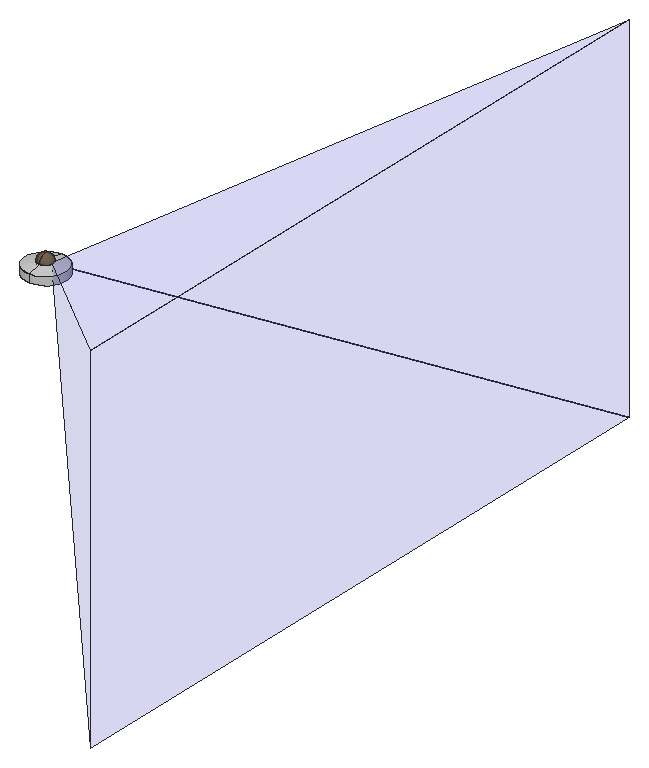
Revit family "Camera-Security-Canon-Fixed_Micro_Dome_Camera", category Security Devices, host Face, Revit 2012
Parameters (values of type "1.3 MP - Fixed")
  zz YesNo 9 [instance] = 0 = 1  # no
  zz YesNo 8 [instance] = 0 = 1  # no
  zz YesNo 7 [instance] = not(zz YesNo 29)  # yes
  zz YesNo 6 [instance] = yes
  zz YesNo 5 [instance] = and(not(zz YesNo 29), Has Ceiling Surface Mount)  # no
  zz YesNo 4 [instance] = and(not(zz YesNo 29), zz YesNo 24)  # no
  zz YesNo 31 [instance] = 0 = 1  # no
  zz YesNo 30 [instance] = and(not(zz YesNo 29), Has Field of View)  # yes
  zz YesNo 3 [instance] = and(not(zz YesNo 29), and(zz Length 22 > 0.250", or(zz Integer 2 = 5, zz Integer 2 = 7, zz Integer 2 = 8, zz Integer 2 = 11)))  # no
  zz YesNo 29 [instance] = or(zz YesNo 11)  # no
  zz YesNo 28 [instance] = and(not(zz YesNo 29), zz YesNo 13)  # no
  zz YesNo 27 [instance] = and(not(zz YesNo 29), zz YesNo 18)  # no
  zz YesNo 26 [instance] = 1 = 0  # no
  zz YesNo 25 [instance] = 0 = 1  # no
  zz YesNo 24 [instance] = 0 = 1  # no
  zz YesNo 23 [instance] = and(not(zz YesNo 29), zz YesNo 9)  # no
  zz YesNo 22 [instance] = and(not(zz YesNo 29), zz YesNo 8)  # no
  zz YesNo 21 [instance] = 0 = 1  # no
  zz YesNo 20 [instance] = and(not(zz YesNo 29), or(zz YesNo 9, zz YesNo 13, zz YesNo 25))  # no
  zz YesNo 2 [instance] = 1 = 1  # yes
  zz YesNo 19 [instance] = and(not(zz YesNo 29), zz YesNo 17)  # no
  zz YesNo 18 [instance] = 0 = 1  # no
  zz YesNo 17 [instance] = 0 = 1  # no
  zz YesNo 16 [instance] = and(not(zz YesNo 29), zz YesNo 31)  # no
  zz YesNo 15 [instance] = and(not(zz YesNo 29), Has Ceiling Pendant Mount S Series)  # no
  zz YesNo 14 [instance] = and(not(zz YesNo 29), zz YesNo 21)  # no
  zz YesNo 13 [instance] = 0 = 1  # no
  zz YesNo 12 [instance] = and(not(zz YesNo 29), Has Ceiling Junction Mount S Series)  # no
  zz YesNo 11 [instance] = if(zz YesNo 25, 1, 0) + if(Has Ceiling Surface Mount, 1, 0) + if(zz YesNo 31, 1, 0) + if(Has Ceiling Junction Mount S Series, 1, 0) + if(Has Ceiling Pendant Mount S Series, 1, 0) + if(zz YesNo 9, 1, 0) + if(zz YesNo 18, 1, 0) + if(zz YesNo 17, 1, 0) + if(zz YesNo 13, 1, 0) + if(zz YesNo 21, 1, 0) + if(zz YesNo 8, 1, 0) + if(zz YesNo 1, 1, 0) + if(zz YesNo 24, 1, 0) > 1  # no
  zz YesNo 10 [instance] = and(not(zz YesNo 29), zz YesNo 1)  # no
  zz YesNo 1 [instance] = 0 = 1  # no
  zz Length 99 = -6.500"  # constant formula
  zz Length 98 [instance] = 0.666" * sin(zz Angle 6 - 90.000°)  # -0.666"
  zz Length 97 = 2.244"  # constant formula
  zz Length 96 = 3.660"  # constant formula
  zz Length 95 = 5.500"  # constant formula
  zz Length 94 = 10.253"  # constant formula
  zz Length 93 = 4.880"  # constant formula
  zz Length 92 [instance] = 200.000"
  zz Length 91 = 7.080"  # constant formula
  zz Length 90 = 2.244"  # constant formula
  zz Length 9 = 4.720"  # constant formula
  zz Length 89 = 2.756"  # constant formula
  zz Length 88 = 7.884"  # constant formula
  zz Length 87 [instance] = if(zz Integer 2 = 3, 0.000", 54.640")  # 54.640"
  zz Length 86 = 0.500"  # constant formula
  zz Length 85 [instance] = 200.000"
  zz Length 84 = 4.720"  # constant formula
  zz Length 83 = 4.720"  # constant formula
  zz Length 82 = 5.215"  # constant formula
  zz Length 81 [instance] = if(zz Integer 2 = 2, 0.000", 7.220")  # 7.220"
  zz Length 80 [instance] = 2.362"  # constant formula
  zz Length 8 = 7.093"  # constant formula
  zz Length 79 = 13.000"  # constant formula
  zz Length 78 = 1.770"  # constant formula
  zz Length 77 [instance] = if(and(zz Integer 2 = 7, zz Length 22 > 0.250"), zz Length 22, if(zz Integer 2 = 7, 0.000", 26.980"))  # 26.980"
  zz Length 76 = 0.470"  # constant formula
  zz Length 75 [instance] = zz Length 92  # 200.000"
  zz Length 74 = 7.200"  # constant formula
  zz Length 73 [instance] = if(zz Integer 2 = 1, 0.000", if(zz Integer 2 = 9, 0.670", if(zz Integer 2 = 6, 2.570", 37.640")))  # 37.640"
  zz Length 72 = -6.146"  # constant formula
  zz Length 71 [instance] = 200.000"
  zz Length 70 [instance] = zz Length 98 * sin(zz Angle 1)  # 0.000"
  zz Length 7 = 4.970"  # constant formula
  zz Length 69 = 3.970"  # constant formula
  zz Length 68 = 2.570"  # constant formula
  zz Length 67 [instance] = if(zz Integer 2 = 1, 39.488", if(zz Integer 2 = 2, 31.970", if(zz Integer 2 = 3, 30.697", if(zz Integer 2 = 4, 30.470", if(and(zz Length 22 > 0.250", zz Integer 2 = 5), 34.290" + zz Length 22, if(zz Integer 2 = 5, 34.290", if(zz Integer 2 = 6, 42.058", if(and(zz Length 22 > 0.250", zz Integer 2 = 7), 33.660" + zz Length 22, if(zz Integer 2 = 7, 33.660", if(and(zz Integer 2 = 8, zz Length 22 > 0.250"), 31.811" + zz Length 22, if(zz Integer 2 = 8, 31.811", if(zz Integer 2 = 9, 37.379", if(zz Integer 2 = 10, 31.770", if(and(zz Integer 2 = 11, zz Length 22 > 0.250"), 32.756" + zz Length 22, if(zz Integer 2 = 11, 32.756", if(zz Integer 2 = 12, 38.600", if(zz Integer 2 = 13, 33.937", 30.000")))))))))))))))))  # 30.000"
  zz Length 66 [instance] = if(or(zz Integer 2 = 5, zz Integer 2 = 7), 0.000", if(zz Integer 2 = 8, 1.811", if(zz Integer 2 = 11, 2.756", 0.000")))  # 0.000"
  zz Length 65 = 1.970"  # constant formula
  zz Length 64 = 8.205"  # constant formula
  zz Length 63 [instance] = if(zz Integer 2 = 9, 4.800", 0.000")  # 0.000"
  zz Length 62 = 9.724"  # constant formula
  zz Length 61 [instance] = if(zz YesNo 29, 7.000", 1.000")  # 1.000"
  zz Length 60 [instance] = if(zz Integer 2 = 10, 0.000", 62.140")  # 62.140"
  zz Length 6 = 0.248"  # constant formula
  zz Length 59 = 0.235"  # constant formula
  zz Length 58 [instance] = if(zz Angle 5 = 0.000°, zz Length 39, zz Length 40)  # 200.000"
  zz Length 57 = 1.811"  # constant formula
  zz Length 56 [instance] = 4.331"  # constant formula
  zz Length 55 = 0.125"  # constant formula
  zz Length 54 = 1.750"  # constant formula
  zz Length 53 [instance] = if(Has Ceiling Junction Mount S Series, 0.000", 2.000")  # 2.000"
  zz Length 52 [instance] = zz Length 98 * cos(zz Angle 1)  # -0.666"
  zz Length 51 [instance] = zz Length 71  # 200.000"
  zz Length 50 = 1.500"  # constant formula
  zz Length 5 [instance] = if(zz Integer 2 = 12, 0.000", 104.000")  # 104.000"
  zz Length 49 = 0.750"  # constant formula
  zz Length 48 = 6.000"  # constant formula
  zz Length 47 = 6.690"  # constant formula
  zz Length 46 = 3.937"  # constant formula
  zz Length 45 = 4.720"  # constant formula
  zz Length 44 [instance] = if(zz Integer 2 = 8, 0.000", 76.035")  # 76.035"
  zz Length 43 [instance] = if(zz Integer 2 = 11, 0.000", 84.596")  # 84.596"
  zz Length 42 = zz Length 84 / 2  # 2.360"
  zz Length 41 = 2.000"  # constant formula
  zz Length 40 [instance] = 200.000"
  zz Length 4 [instance] = if(zz Integer 2 = 6, 2.445", 69.910")  # 69.910"
  zz Length 39 [instance] = 200.000"
  zz Length 38 [instance] = if(zz Integer 2 = 9, 0.000", 99.352")  # 99.352"
  zz Length 37 [instance] = if(zz Angle 5 = 0.000°, zz Length 85, zz Length 39)  # 200.000"
  zz Length 36 = 8.874"  # constant formula
  zz Length 35 = 0.500"  # constant formula
  zz Length 34 = 0.125"  # constant formula
  zz Length 33 = 6.743"  # constant formula
  zz Length 32 = 3.600"  # constant formula
  zz Length 31 [instance] = 2.756"  # constant formula
  zz Length 30 = 7.000"  # constant formula
  zz Length 3 = 2.485"  # constant formula
  zz Length 29 = 4.103"  # constant formula
  zz Length 28 [instance] = if(zz YesNo 29, 4.000", 1.000")  # 1.000"
  zz Length 27 = 0.697"  # constant formula
  zz Length 26 = -4.103"  # constant formula
  zz Length 25 [instance] = if(zz Integer 2 = 1, 0.000", if(zz Integer 2 = 2, 0.000", if(zz Integer 2 = 3, 0.000", if(zz Integer 2 = 4, 0.000", if(zz Integer 2 = 5, 0.000", if(zz Integer 2 = 6, 0.000", if(zz Integer 2 = 7, 0.000", if(zz Integer 2 = 8, 0.000", if(zz Integer 2 = 9, 11.509", if(zz Integer 2 = 10, 0.000", if(zz Integer 2 = 11, 0.000", if(zz Integer 2 = 12, 0.000", if(zz Integer 2 = 13, 0.000", 0.000")))))))))))))  # 0.000"
  zz Length 24 [instance] = 200.000"
  zz Length 23 [instance] = zz Length 25  # 0.000"
  zz Length 22 [instance] = if(Pipe Length Desired < 0.250", 0.250", if(Pipe Length Desired > 240.000", 240.000", Pipe Length Desired))  # 12.000"
  zz Length 21 [instance] = if(and(zz Integer 2 = 5, zz Length 22 > 0.250"), zz Length 22, if(zz Integer 2 = 5, 0.000", 15.690"))  # 15.690"
  zz Length 20 = 1.750"  # constant formula
  zz Length 2 = 4.720"  # constant formula
  zz Length 19 = 10.404"  # constant formula
  zz Length 18 = 2.600"  # constant formula
  zz Length 17 [instance] = if(zz Angle 5 = 0.000°, zz Length 24, zz Length 85)  # 200.000"
  zz Length 16 = zz Length 9 / 2  # 2.360"
  zz Length 15 [instance] = 1.230" + (0.666" * cos(zz Angle 6 - 90.000°))  # 1.230"
  zz Length 14 = 0.250"  # constant formula
  zz Length 13 = 5.306"  # constant formula
  zz Length 12 [instance] = zz Length 110 - 20.000"  # 0.000"
  zz Length 111 [instance] = if(zz Angle 5 = 0.000°, zz Length 40, zz Length 24)  # 200.000"
  zz Length 110 [instance] = if(zz Integer 2 = 1, 18.189", if(zz Integer 2 = 2, 20.000", if(zz Integer 2 = 3, 20.000", if(zz Integer 2 = 4, 20.000", if(zz Integer 2 = 5, 20.000", if(zz Integer 2 = 6, 18.189", if(zz Integer 2 = 7, 20.000", if(zz Integer 2 = 8, 20.000", if(zz Integer 2 = 9, 18.189", if(zz Integer 2 = 10, 20.000", if(zz Integer 2 = 11, 20.000", if(zz Integer 2 = 12, 18.250", if(zz Integer 2 = 13, 17.914", 20.000")))))))))))))  # 20.000"
  zz Length 11 = -1.750"  # constant formula
  zz Length 109 = 0.250"  # constant formula
  zz Length 108 [instance] = if(zz YesNo 4, 4.054", 151.000")  # 151.000"
  zz Length 107 = 1.750"  # constant formula
  zz Length 106 = 7.080"  # constant formula
  zz Length 105 = 7.352"  # constant formula
  zz Length 104 = 6.830"  # constant formula
  zz Length 103 = 2.000"  # constant formula
  zz Length 102 = 4.290"  # constant formula
  zz Length 101 = 3.500"  # constant formula
  zz Length 100 [instance] = if(zz YesNo 29, 7.000", 1.000")  # 1.000"
  zz Length 10 = zz Length 47 / 2  # 3.345"
  zz Length 1 [instance] = zz Length 67 - 30.000"  # 0.000"
  zz Integer 2 [instance] = if(zz YesNo 25, 1, if(Has Ceiling Surface Mount, 2, if(zz YesNo 31, 3, if(Has Ceiling Junction Mount S Series, 4, if(Has Ceiling Pendant Mount S Series, 5, if(zz YesNo 9, 6, if(zz YesNo 18, 7, if(zz YesNo 17, 8, if(zz YesNo 13, 9, if(zz YesNo 21, 10, if(zz YesNo 8, 11, if(zz YesNo 1, 12, if(zz YesNo 24, 13, 14)))))))))))))  # 14
  zz Integer 1 = 1
  zz Angle 9 [instance] = if(zz Integer 2 = 9, 45.000°, 90.000°)  # 90.000°
  zz Angle 8 [instance] = (if(zz YesNo 24, 90.000°, 0.000°))  # 0.000°
  zz Angle 7 [instance] = if(zz Integer 2 = 9, 45.000°, 90.000°)  # 90.000°
  zz Angle 6 [instance] = if(Tilt Desired < 0.000°, 0.000°, if(Tilt Desired > 90.000°, 90.000°, Tilt Desired))  # 0.000°
  zz Angle 5 [instance] = if(zz Integer 2 = 1, 0.000°, if(zz Integer 2 = 2, 90.000°, if(zz Integer 2 = 3, 90.000°, if(zz Integer 2 = 4, 90.000°, if(zz Integer 2 = 5, 90.000°, if(zz Integer 2 = 6, 0.000°, if(zz Integer 2 = 7, 90.000°, if(zz Integer 2 = 8, 90.000°, if(zz Integer 2 = 9, 0.000°, if(zz Integer 2 = 10, 90.000°, if(zz Integer 2 = 11, 90.000°, if(zz Integer 2 = 12, 0.000°, if(zz Integer 2 = 13, 0.000°, 90.000°)))))))))))))  # 90.000°
  zz Angle 4 [instance] = if(Pan Desired < 0.000°, 0.000°, if(Pan Desired > 180.000°, 180.000°, Pan Desired))  # 0.000°
  zz Angle 3 = 0.000°
  zz Angle 2 = 0.000°
  zz Angle 1 [instance] = if(Rotation Desired < 0.000°, 0.000°, if(Rotation Desired > 350.000°, 350.000°, Rotation Desired))  # 0.000°
  Width [instance] = 4.720"  # constant formula
  Weight [instance] = 0.530 lbf  # constant formula
  URL = "http://www.usa.canon.com/cusa/home"
  Shutter Speed = if(zz Integer 1 = 1, "1, 1/2, 1/4, 1/8, 1/15, 1/30, 1/60, 1/100, 1/120, 1/250, 1/500, 1/1000, 1/2000, 1/4000, 1/8000, 1/10000, 1/16000 sec.", "1, 1/2, 1/4, 1/8, 1/15, 1/30, 1/60, 1/100, 1/120, 1/250, 1/500, 1/1000, 1/2000, 1/4000, 1/8000, 1/16000 sec.")  # "1, 1/2, 1/4, 1/8, 1/15, 1/30, 1/60, 1/100, 1/120, 1/250, 1/500, 1/1000, 1/2000, 1/4000, 1/8000, 1/10000, 1/16000 sec."
  Scanning System = "Progressive"  # constant formula
  Resolution = if(zz Integer 1 = 1, "JPEG, H.264: 1280 x 720, 640 x 360, 320 x 180, 1280 x 960, 640 x 480, 320 x 240", "JPEG, H.264: 1920 x 1080, 960 x 540, 480 x 270, 1280 x 720, 640 x 360, 320 x 180, 1280 x 960, 640 x 480, 320 x 240")  # "JPEG, H.264: 1280 x 720, 640 x 360, 320 x 180, 1280 x 960, 640 x 480, 320 x 240"
  Product Page URL = "http://www.usa.canon.com/cusa/office/products/hardware/network_video_solutions/dome_network_cameras/vb_s805d"
  Product Documentation Link = "http://www.usa.canon.com/cusa/office/products/hardware/network_video_solutions/dome_network_cameras/vb_s805d#Specifications"
  Part Number [instance] = if(zz Integer 1 = 1, "VB-S805D", "VB-S800D")  # "VB-S805D"
  Part Description [instance] = if(zz Integer 1 = 1, "1.3 Megapixel Fixed Micro Dome Network Camera", "2.1 Megapixel Fixed Micro Dome Network Camera")  # "1.3 Megapixel Fixed Micro Dome Network Camera"
  Operating Conditions = "Temperature:  -10°C - +50°C (+14°F - +122°F); Humidity: 5% - 85% (Without Condensation)"  # constant formula
  Mount Part Number [instance] = if(zz YesNo 29, "ERROR: Select Only One Option", if(zz Integer 2 = 2, "SS30-VB", if(zz Integer 2 = 4, "PS30-VB", if(zz Integer 2 = 5, "PC30-VB", if(zz Integer 2 = 13, "A-SWD5WB", "None Selected")))))  # "None Selected"
  Model Disclaimer = "This 3D model is a simulation of a highly customizable piece of Canon equipment. For assistance in selecting the right Canon equipment for your project, please contact Canon U.S.A., Inc."  # constant formula
  Model = "See Part Number"  # constant formula
  Minimum Illumination = 0.45 lx  # constant formula
  Megapixels = if(zz Integer 1 = 1, "1.3", "2.1")  # "1.3"
  Maximum Framerate = "JPEG: 0.1 - 30 fps; H.263: 1/2/3/5/6/10/15/30 fps"  # constant formula
  Manufacturer = "Canon U.S.A., Inc."  # constant formula
  Lens Type = "Varifocal"  # constant formula
  Image Sensor = "1/3 Type CMOS (Primary Color Filter)"  # constant formula
  IPv4 Protocol = "TCP/IP, UDP, HTTP, FTP, SNMP (MIB2), SMTP (Client), DHCP (Client), DNS (Client), ARP, ICMP, POP3, NTP, SMTP Authentication, RTSP, WV-HTTP (Canon Proprietary), ONVIF"  # constant formula
  Height [instance] = 2.130"  # constant formula
  Has Smoked Dome [instance] = not(zz YesNo 2)  # no
  Has No Mount [instance] = zz Integer 2 = 14  # yes
  Family Version = "1.0"  # constant formula
  Equipment Number [instance] = ""
  Equipment Abbreviation = "SC"
  Effective Pixels = if(zz Integer 1 = 1, "1.3 Million Pixels", "2.1 Million Pixels")  # "1.3 Million Pixels"
  Description = "See Part Description"  # constant formula
  Day and Night = "Auto/Manual"  # constant formula
  Date Modified = "September 15, 2014"  # constant formula
  Date Created = "September 15, 2014"  # constant formula
  Copyright = "Copyright ©2014 Canon U.S.A., Inc."  # constant formula
  Audio In = "Φ3.5mm (Φ0.14 in.) Mini-Jack Connector (Monaural), Switch Line IN/MIC IN in the Setting Page. LINE IN x 1 (Connect to an Amplifier Microphone) or MIC IN x 1 (Connect to a Microphone w/o Amplifier)"  # constant formula
  Aperture = "1.6"  # constant formula
  Angular Field of View = "Horizontal: 95; Vertical: 60"  # constant formula
  Alarm Triggers = "External Device Input, Intelligent Function (Video), Intelligent Function (Volume), Timer"  # constant formula
  Tilt Desired [instance] = 0.000°
  Has Ceiling Surface Mount [instance] = no
  Rotation Desired [instance] = 0.000°
  Has Ceiling Junction Mount S Series [instance] = no
  Default Elevation = 48.000"
  Pan Desired [instance] = 0.000°
  Has Field of View [instance] = yes
  Has Ceiling Pendant Mount S Series [instance] = no
  Field of View Range [instance] = 36.000"
  Field of View Vertical [instance] = 60.000°  # constant formula
  Mount Selection [instance] = if(zz YesNo 11, "ERROR: Select One Mount Option", if(zz Integer 2 = 1, "Wall Mount", if(zz Integer 2 = 2, "Surface Mount", if(zz Integer 2 = 3, "Recess Mount", if(zz Integer 2 = 4, "Junction Mount S Series", if(zz Integer 2 = 5, " Pendant Mount S series", if(zz Integer 2 = 6, "Pole Mount", if(zz Integer 2 = 7, "Pendant Mount", if(zz Integer 2 = 8, "Coupling Mount", if(zz Integer 2 = 9, "Corner Mount", if(zz Integer 2 = 10, "Ceiling Mount", if(zz Integer 2 = 11, "Ceiling Bracket Mount", if(zz Integer 2 = 12, "Wall Mount Bracket", if(zz Integer 2 = 13, "Bracket Mount", "No Mount"))))))))))))))  # "No Mount"
  Pipe Length Desired [instance] = 12.000"
  Field of View Horizontal [instance] = 95.000°  # constant formula
  Pipe Length Actual [instance] = if(Pipe Length Desired < 0.000", 0.000", if(Pipe Length Desired > 240.000", 240.000", Pipe Length Desired))  # 12.000"
Reference planes (in)
  plane 1 "Center (Front/Back)": y = 0
  plane 2 "Center (Elevation)": z = 0
  plane 3 "Center (Left/Right)": x = 0
  plane 4: x = -2.36
  plane 5: x = 2.36
  plane 6: y = 2.36
  plane 7: y = -2.36
  plane 8: x = -3.345
  plane 9: x = 3.345
  plane 10: y = 2.75
  plane 11: y = -2.75
  plane 12 "Junction Box": z = 2
  plane 13: z = 2.47
  plane 14: x = -2.36
  plane 15: x = 2.36
  plane 16: y = 2.36
  plane 17: y = -2.36
  plane 18: y = 2.485
  plane 19: y = -2.485
  plane 20: z = 7.22
  plane 21: z = 9.19
  plane 22: z = 7.47
  plane 23: z = 15.69
  plane 24: z = 19.98
  plane 25: x = -2.36
  plane 26: x = 2.36
  plane 27: z = 18.23
  plane 28: x = 1
  plane 29: x = -1
  plane 30: z = 12.096
  plane 31 "Wall Mount Center": x = 0
  plane 32: z = 26.98
  plane 33: z = 30.64
  plane 34: x = -3.54
  plane 35: x = 3.54
  plane 36: z = 28.89
  plane 37: x = -1
  plane 38: x = 1
  plane 39: x = 5.306
  plane 40: z = 23.897
  plane 41: z = 37.64
  plane 42: x = -4.862
  plane 43: z = 54.64
  plane 44: x = 4.862
  plane 45: z = 55.337
  plane 46: x = 2.44
  plane 47: x = -2.44
  plane 48: z = 54.875
  plane 49: z = 62.14
  plane 50: x = 3.54
  plane 51: x = -3.54
  plane 52: x = 2.6075
  plane 53: x = -2.6075
  plane 54: z = 63.91
  plane 55: z = 69.91
  plane 56: x = 1.985
  plane 57: x = -1.985
  plane 58: z = 70.035
  plane 59: z = 67.465
  plane 60: x = 1.20045
  plane 61: x = 1.32986
  plane 62: x = -1.85559
  plane 63: x = 1.85559
  plane 64: x = -1.32986
  plane 65: x = -1.20045
  plane 66: y = 3.5
  plane 67: y = -3.5
  plane 68: x = 1.122
  plane 69: x = -1.122
  plane 70: z = 76.035
  plane 71: z = 77.846
  plane 72: x = 1.5
  plane 73: z = 4.72
  plane 74: z = 84.596
  plane 75: z = 87.352
  plane 76: x = 1.122
  plane 77: x = -1.122
  plane 78: x = 0.75
  plane 79: z = 84.844
  plane 80: x = 1.9685
  plane 81: x = -1.9685
  plane 82: y = 1.9685
  plane 83: y = -1.9685
  plane 84: x = -1.7185
  plane 85: x = 1.7185
  plane 86: y = -1.7185
  plane 87: y = 1.7185
  plane 88: z = 95.298
  plane 89: y = -4.1025
  plane 90: y = 4.1025
  plane 91: z = -4.054
  plane 92: z = 1
  plane 93: y = 0.5
  plane 94: y = -0.5
  plane 95: x = -0.5
  plane 96: x = 0.5
  plane 97 "X Axis": x = 0
  plane 98: y = 20
  plane 99 "Y Axis": y = 0
  plane 100 "Z Axis": z = 0
  plane 101: z = -30
  plane 102: z = 104
  plane 103: z = 104.311
  plane 104: z = 107.63
  plane 105: z = 108.725
  plane 106: x = -3.676
  plane 107: x = 3.676
  plane 108: y = -3
  plane 109: y = 3
  plane 110: y = -1.737
  plane 111: z = 112.6
  plane 112: z = 117
  plane 113: z = 116.5
  plane 114: y = -1.75
  plane 115: y = 1.75
  plane 116: x = -1.8
  plane 117: x = 1.8
  plane 118: y = 2.6
  plane 119: y = -4.6
  plane 120: y = 2.1655
  plane 121: y = -2.1655
  plane 122: x = -1.378
  plane 123: x = 1.378
  plane 124: z = 146.946
  plane 125: z = 147.02474
  plane 126: z = 150.88287
  plane 127: y = 2.0865
  plane 128 "Pipe Bottom": z = 0
  plane 129 "Pipe Top": z = 12
  plane 130: through (17, -180, 17) normal (0.7071, 0, -0.7071)
  plane 131: through (-17, -180, 17) normal (0.7071, 0, 0.7071)
  plane 132: through (0, -17, -17) normal (0, -0.7071, 0.7071)
  plane 133: through (0, 17, -17) normal (0, -0.7071, -0.7071)
  plane 134: through (-17, -17, 48) normal (-0.7071, 0.7071, 0)
  plane 135: through (17, -17, 48) normal (-0.7071, -0.7071, 0)
Forms (in)
  Revolve 1, solid, material "Plastic - Canon - Grey", visible <- "zz YesNo 12"
    sketch origin (0, 0, 0) x (1, 0, 0) y (0, 0, 1)
      loop
        line (2.36, 2.47) -> (0, 2.47) -> (0, 2) -> (3.345, 2) -> (2.36, 2.47)
      axis (0, 2.47) -> (0, 2)
    angle from 0 to 360
  Revolve 2, solid, material "Plastic - Canon - Grey", visible <- "zz YesNo 5"
    sketch origin (0, 0, 0) x (1, 0, 0) y (0, 0, 1)
      loop
        line (2.36, 7.22) -> (2.36, 9.19) -> (0, 9.19) -> (0, 7.22) -> (2.36, 7.22)
      axis (0, 9.19) -> (0, 7.22)
    angle from 0 to 360
  Revolve 3, solid, material "Plastic - Canon - Grey", visible <- "zz YesNo 15"
    sketch origin (0, 0, 0) x (1, 0, 0) y (0, 0, 1)
      loop
        line (0, 19.98) -> (0, 15.69) -> (0.99965, 15.69)
        arc (0.99965, 15.69) -> (1.59145, 17.00749) -> (2.36, 18.23033) r 10.404
        line (2.36, 18.23033) -> (2.36, 19.98) -> (0, 19.98)
      axis (0, 19.98) -> (0, 15.69)
    angle from 0 to 360
  Revolve 4, solid, material "Plastic - Canon - Grey", visible <- "zz YesNo 16"
    sketch origin (0, 0, 0) x (1, 0, 0) y (0, 0, 1)
      loop
        line (2.44, 55.337) -> (0, 55.337) -> (0, 54.64) -> (4.862, 54.64) -> (4.862, 54.875) -> (2.44, 55.337)
      axis (0, 55.337) -> (0, 54.64)
    angle from 0 to 360
  Extrusion 5, solid, material "Error Box", visible <- "zz YesNo 29"
    sketch origin (0, 0, 0) x (1, 0, 0) y (0, 0, 1)
      loop
        line (-0.5, 0) -> (0.5, 0) -> (0.5, 1) -> (-0.5, 1) -> (-0.5, 0)
    from -0.5 to 0.5
  Sweep 6, solid, material "Plastic - Canon - Grey", not visible, detail levels fine
    path origin (0, 0, 0) x (0, 0, -1) y (0, 1, 0)
      loop
        line (0, 0) -> (1, 0)
    profile origin (0, 0, -0.5) x (1, 0, 0) y (0, 1, 0)
      loop
        circle (0, 0) r 0.25
  Extrusion 7, solid, material "Plastic - Canon - Grey", visible <- "zz YesNo 4"
    sketch origin (0, 0, 0) x (1, 0, 0) y (0, 1, 0)
      loop
        line (-1.378, 2.1655) -> (-1.378, -2.1655) -> (1.378, -2.1655) -> (1.378, 2.1655) -> (-1.378, 2.1655)
    from 146.946 to 147.02474
  Extrusion 8, solid, material "Plastic - Canon - Grey", visible <- "zz YesNo 4"
    sketch origin (0, 0, 0) x (1, 0, 0) y (0, 0, 1)
      loop
        arc (1.378, 148.9645) -> (0, 153.24488) -> (-1.378, 148.9645) r 2.362
        line (-1.378, 148.9645) -> (-1.378, 146.946) -> (1.378, 146.946) -> (1.378, 148.9645)
    from -2.1655 to -2.0865
  Extrusion 9, solid, material "Plastic - Canon - Grey", visible <- "zz YesNo 3"
    sketch origin (0, 0, 0) x (1, 0, 0) y (0, 1, 0)
      loop
        circle (0, 0) r 0.75
    from 0 to 12
Cuts and joins
  joined: Extrusion 7, Extrusion 8
Lines and regions (in)
  reference lines
    curve 1: line (0, -5.29, 37.64) -> (0, 5.96, 37.64)
    curve 2: line (0, 0, 0) -> (0, 14.25, 0)
    curve 3: line (-1.985, 0, 69.91) -> (-1.32986, 0, 67.465)
    curve 4: line (-1.85559, 0, 69.91) -> (-1.20045, 0, 67.465)
    curve 5: line (1.985, 0, 69.91) -> (1.32986, 0, 67.465)
    curve 6: line (1.85559, 0, 69.91) -> (1.20045, 0, 67.465)
    curve 7: line (-5.946, 0, 95.298) -> (5.946, 0, 95.298)
    curve 8: line (0, 0, 95.298) -> (0, 0, 102.033)
    curve 9: line (0, 0, 0) -> (6.5, 0, 0)
    curve 10: line (0, 0, 37.64) -> (0, 0, 44.14)
    curve 11: line (0, 0, 0) -> (0, 0, -17)
    curve 12: line (106.06602, -200, 106.06602) -> (-106.06602, -200, -106.06602)
    curve 13: line (-106.06602, 200, 106.06602) -> (106.06602, 200, -106.06602)
    curve 14: line (200, 106.06602, 106.06602) -> (200, -106.06602, -106.06602)
    curve 15: line (-200, -106.06602, 106.06602) -> (-200, 106.06602, -106.06602)
    curve 16: line (-106.06602, -106.06602, 200) -> (106.06602, 106.06602, 200)
    curve 17: line (-106.06602, 106.06602, -200) -> (106.06602, -106.06602, -200)
Dimensions and locks (in)
  equal spacing: plane 4, plane 3 "Center (Left/Right)", plane 5
  "zz Length 9": plane 4 to plane 5
  equal spacing: plane 7, plane 1 "Center (Front/Back)", plane 6
  "zz Length 2": plane 6 to plane 7
  equal spacing: plane 11, plane 1 "Center (Front/Back)", plane 10
  equal spacing: plane 8, plane 3 "Center (Left/Right)", plane 9
  "zz Length 47": plane 8 to plane 9
  "zz Length 95": plane 10 to plane 11
  "zz Length 53": plane 12 "Junction Box" to level
  "zz Length 76": plane 13 to plane 12 "Junction Box"
  equal spacing: plane 14, plane 3 "Center (Left/Right)", plane 15
  "zz Length 84": plane 14 to plane 15
  equal spacing: plane 17, plane 1 "Center (Front/Back)", plane 16
  "zz Length 83": plane 16 to plane 17
  equal spacing: plane 19, plane 1 "Center (Front/Back)", plane 18
  "zz Length 7": plane 18 to plane 19
  "zz Length 81": plane 20 to level
  "zz Length 65": plane 21 to plane 20
  "zz Length 109": plane 22 to plane 20
  "zz Length 21": plane 23 to level
  "zz Length 102": plane 24 to plane 23
  equal spacing: plane 25, plane 3 "Center (Left/Right)", plane 26
  "zz Length 45": plane 25 to plane 26
  "zz Length 107": plane 24 to plane 27
  equal spacing: plane 28, plane 3 "Center (Left/Right)", plane 29
  "zz Length 41": plane 28 to plane 29
  "zz Length 88": plane 24 to plane 30
  "zz Length 77": plane 32 to level
  "zz Length 96": plane 33 to plane 32
  equal spacing: plane 34, plane 3 "Center (Left/Right)", plane 35
  "zz Length 106": plane 34 to plane 35
  "zz Length 54": plane 33 to plane 36
  equal spacing: plane 37, plane 3 "Center (Left/Right)", plane 38
  "zz Length 103": plane 37 to plane 38
  "zz Length 33": plane 33 to plane 40
  "zz Length 13": plane 39 to plane 3 "Center (Left/Right)"
  "zz Length 73": plane 41 to level
  "zz Length 63": plane 31 "Wall Mount Center" to plane 3 "Center (Left/Right)"
  equal spacing: plane 44, plane 3 "Center (Left/Right)", plane 42
  "zz Length 62": plane 44 to plane 42
  "zz Length 87": plane 43 to level
  "zz Length 27": plane 45 to plane 43
  equal spacing: plane 46, plane 3 "Center (Left/Right)", plane 47
  "zz Length 93": plane 46 to plane 47
  "zz Length 59": plane 48 to plane 43
  "zz Length 60": plane 49 to level
  equal spacing: plane 50, plane 3 "Center (Left/Right)", plane 51
  equal spacing: plane 52, plane 3 "Center (Left/Right)", plane 53
  "zz Length 91": plane 50 to plane 51
  "zz Length 82": plane 52 to plane 53
  "zz Length 78": plane 54 to plane 49
  "zz Length 4": plane 55 to level
  equal spacing: plane 56, plane 3 "Center (Left/Right)", plane 57
  "zz Length 69": plane 56 to plane 57
  "zz Length 34": plane 58 to plane 55
  "zz Length 68": plane 58 to plane 59
  "zz Length 34": curve 3 to curve 4
  locked: plane 62 to plane 57 at 0.12941
  "zz Length 34": curve 6 to curve 5
  plane 56 to plane 63 to plane 61 to plane 60 = 0.12941" locked, 0.52573" locked, 0.12941" locked
  plane 65 to plane 64 to plane 62 = 0.12941" locked, 0.52573" locked
  equal spacing: plane 67, plane 1 "Center (Front/Back)", plane 66
  "zz Length 30": plane 67 to plane 66
  "zz Length 44": plane 70 to level
  equal spacing: plane 68, plane 3 "Center (Left/Right)", plane 69
  "zz Length 90": plane 68 to plane 69
  "zz Length 57": plane 71 to plane 70
  "zz Length 50": plane 72 to plane 3 "Center (Left/Right)"
  "zz Length 2": plane 73 to level
  "zz Length 43": plane 74 to level
  "zz Length 89": plane 75 to plane 74
  equal spacing: plane 76, plane 3 "Center (Left/Right)", plane 77
  "zz Length 97": plane 76 to plane 77
  "zz Length 49": plane 78 to plane 3 "Center (Left/Right)"
  "zz Length 6": plane 79 to plane 74
  equal spacing: plane 80, plane 3 "Center (Left/Right)", plane 81
  "zz Length 46": plane 80 to plane 81
  "zz Length 46": plane 82 to plane 83
  equal spacing: plane 83, plane 1 "Center (Front/Back)", plane 82
  "zz Length 14": plane 86 to plane 83
  "zz Length 14": plane 82 to plane 87
  "zz Length 14": plane 81 to plane 84
  "zz Length 14": plane 85 to plane 80
  "zz Length 38": plane 88 to plane 91
  equal spacing: plane 89, plane 1 "Center (Front/Back)", plane 90
  "zz Length 64": plane 89 to plane 90
  locked: level to plane 91 at 4.054
  "zz Length 28": plane 92 to level
  equal spacing: plane 94, plane 1 "Center (Front/Back)", plane 93
  "zz Length 61": plane 93 to plane 94
  level to Extrusion 5 = 1.000"
  equal spacing: plane 96, plane 3 "Center (Left/Right)", plane 95
  "zz Length 100": plane 96 to plane 95
  "zz Length 110": plane 98 to plane 99 "Y Axis"
  locked: plane 98 to plane 1 "Center (Front/Back)" at 20
  "zz Length 67": plane 100 "Z Axis" to plane 101
  "zz Length 25": plane 3 "Center (Left/Right)" to plane 97 "X Axis"
  locked: plane 2 "Center (Elevation)" to plane 101 at 30
  locked: plane 103 to plane 102 at 0.311
  locked: plane 104 to plane 102 at 3.63
  locked: plane 105 to plane 102 at 4.725
  equal spacing: plane 107, plane 3 "Center (Left/Right)", plane 106
  "zz Length 105": plane 107 to plane 106
  equal spacing: plane 108, plane 1 "Center (Front/Back)", plane 109
  "zz Length 48": plane 108 to plane 109
  locked: plane 108 to plane 110 at 1.263
  locked: plane 111 to plane 102 at 8.6
  "zz Length 79": plane 112 to plane 102
  "zz Length 35": plane 112 to plane 113
  equal spacing: plane 114, plane 1 "Center (Front/Back)", plane 115
  "zz Length 101": plane 114 to plane 115
  "zz Length 74": plane 118 to plane 119
  equal spacing: plane 116, plane 3 "Center (Left/Right)", plane 117
  "zz Length 32": plane 116 to plane 117
  "zz Length 18": plane 1 "Center (Front/Back)" to plane 118
  "zz Length 5": plane 102 to plane 2 "Center (Elevation)"
  equal spacing: plane 121, plane 1 "Center (Front/Back)", plane 120
  "zz Length 56": plane 121 to plane 120
  equal spacing: plane 122, plane 3 "Center (Left/Right)", plane 123
  "zz Length 31": plane 122 to plane 123
  plane 126 to plane 125 to plane 124 = 3.85814" locked, 0.07874" locked
  "zz Length 108": plane 124 to plane 91
  locked: plane 127 to plane 120 at 0.079
  "zz Length 22": plane 129 "Pipe Top" to plane 128 "Pipe Bottom"
  "zz Length 66": plane 128 "Pipe Bottom" to plane 2 "Center (Elevation)"
  equal spacing: curve 12, plane 131, curve 12
  curve 12 to curve 12 = 300.000"
  equal spacing: curve 13, plane 130, curve 13
  curve 13 to curve 13 = 300.000"
  "zz Length 71": curve 13 to plane 1 "Center (Front/Back)"
  "zz Length 92": curve 12 to plane 1 "Center (Front/Back)"
  equal spacing: curve 14, plane 133, curve 14
  locked: curve 14 to curve 14 at 300
  "zz Length 39": plane 3 "Center (Left/Right)" to curve 14
  equal spacing: curve 15, plane 132, curve 15
  locked: curve 15 to curve 15 at 300
  "zz Length 24": curve 15 to plane 3 "Center (Left/Right)"
  "zz Length 40": plane 2 "Center (Elevation)" to curve 16
  equal spacing: curve 16, plane 135, curve 16
  locked: curve 16 to curve 16 at 300
  "zz Length 85": plane 2 "Center (Elevation)" to curve 17
  equal spacing: curve 17, plane 134, curve 17
  locked: curve 17 to curve 17 at 300
  "zz Length 19": radius of Revolve 3 sketch curve
  "zz Length 80": radius of Extrusion 8 sketch curve
  "zz Angle 3": angle curve 2 to plane 31 "Wall Mount Center"
  "zz Angle 9": angle plane 88 to curve 8
  angle curve 9 to plane 3 "Center (Left/Right)" = 90.000°
  "zz Angle 7": angle plane 41 to curve 10
  "zz Angle 5": angle curve 11 to plane 100 "Z Axis"
  aligned and locked: plane 2 "Center (Elevation)" to host face
  aligned and locked: level to host face
  aligned and locked: plane 15 to Revolve 1 sketch curve
  aligned and locked: plane 13 to Revolve 1 sketch curve
  aligned and locked: plane 9 to Revolve 1 sketch curve
  aligned and locked: plane 12 "Junction Box" to Revolve 1 sketch curve
  aligned and locked: Revolve 1 sketch curve to plane 3 "Center (Left/Right)"
  aligned and locked: Revolve 1 sketch curve to plane 12 "Junction Box"
  aligned and locked: plane 15 to Revolve 2 sketch curve
  aligned and locked: plane 3 "Center (Left/Right)" to Revolve 2 sketch curve
  aligned and locked: plane 20 to Revolve 2 sketch curve
  aligned and locked: Revolve 3 sketch curve to plane 3 "Center (Left/Right)"  (x2)
  aligned and locked: Revolve 3 sketch curve to plane 23
  aligned and locked: Revolve 3 sketch curve to plane 26
  aligned and locked: plane 30 to Revolve 3 sketch curve
  aligned and locked: plane 21 to Revolve 2 sketch curve
  aligned and locked: Revolve 2 sketch curve to plane 3 "Center (Left/Right)"
  aligned and locked: plane 48 to Revolve 4 sketch curve
  aligned and locked: plane 46 to Revolve 4 sketch curve
  aligned and locked: plane 43 to Revolve 4 sketch curve
  aligned and locked: Revolve 4 sketch curve to plane 44
  aligned and locked: plane 45 to Revolve 4 sketch curve
  aligned and locked: plane 3 "Center (Left/Right)" to Revolve 4 sketch curve
  aligned and locked: Revolve 4 sketch curve to plane 3 "Center (Left/Right)"
  aligned and locked: plane 57 to curve 3
  aligned and locked: plane 55 to curve 3
  aligned and locked: plane 55 to curve 4
  aligned and locked: plane 62 to curve 4
  aligned and locked: plane 59 to curve 4
  aligned and locked: plane 65 to curve 4
  aligned and locked: plane 64 to curve 3
  aligned and locked: plane 59 to curve 6
  aligned and locked: plane 59 to curve 5
  aligned and locked: plane 60 to curve 6
  aligned and locked: plane 61 to curve 5
  aligned and locked: plane 56 to curve 5
  aligned and locked: plane 55 to curve 6
  aligned and locked: plane 63 to curve 6
  aligned and locked: plane 88 to curve 8
  aligned and locked: plane 3 "Center (Left/Right)" to curve 9
  aligned and locked: plane 1 "Center (Front/Back)" to curve 9
  aligned and locked: plane 41 to curve 10
  aligned and locked: plane 3 "Center (Left/Right)" to curve 1
  aligned and locked: plane 93 to Extrusion 5
  aligned and locked: Extrusion 5 to plane 94
  aligned and locked: plane 92 to Extrusion 5 sketch curve
  aligned and locked: Extrusion 5 sketch curve to level
  aligned and locked: Extrusion 5 to plane 95
  aligned and locked: plane 96 to Extrusion 5
  aligned and locked: plane 100 "Z Axis" to curve 11
  aligned and locked: plane 99 "Y Axis" to curve 11
  aligned and locked: profile plane to Sweep 6 sketch curve  (x2)
  aligned and locked: Extrusion 7 sketch curve to plane 121
  aligned and locked: Extrusion 7 sketch curve to plane 123
  aligned and locked: plane 122 to Extrusion 7 sketch curve
  aligned and locked: plane 120 to Extrusion 7 sketch curve
  aligned and locked: Extrusion 7 to plane 124
  aligned and locked: plane 125 to Extrusion 7
  aligned and locked: plane 126 to Extrusion 8 sketch curve
  aligned and locked: plane 3 "Center (Left/Right)" to Extrusion 8 sketch curve
  aligned and locked: plane 122 to Extrusion 8 sketch curve
  aligned and locked: plane 123 to Extrusion 8 sketch curve
  aligned and locked: Extrusion 8 sketch curve to plane 124
  aligned and locked: Extrusion 8 to plane 120
  aligned and locked: plane 127 to Extrusion 8
  aligned and locked: plane 31 "Wall Mount Center" to curve 10
  aligned and locked: plane 41 to curve 1
  aligned and locked: plane 3 "Center (Left/Right)" to Extrusion 9 sketch curve
  aligned and locked: plane 1 "Center (Front/Back)" to Extrusion 9 sketch curve
  aligned and locked: Extrusion 9 to plane 128 "Pipe Bottom"
  aligned and locked: plane 129 "Pipe Top" to Extrusion 9
Automatic sketch dimensions
  host sketch curve to host sketch curve = 18.15918"
  host sketch curve to host sketch curve = 14.39238"
  Revolve 3 sketch curve to plane 24 = 0.000"
  plane 27 to Revolve 3 sketch curve = 0.00033"
  Revolve 3 sketch curve to level = 24.000"
  plane 33 to Revolve 3 sketch curve = 72.07882"
  Revolve 2 sketch curve to level = 24.000"
  plane 33 to Revolve 2 sketch curve = 72.07882"
  Revolve 4 sketch curve to level = 24.000"
  Revolve 4 sketch curve to Revolve 4 sketch curve = 47.38182"
  curve 7 to curve 8 = 0.000"
  curve 7 to curve 8 = 5.946"
  curve 8 to curve 7 = 5.946"
  curve 1 to plane 41 = 0.000"
  plane 90 to curve 1 = 1.8575"
  curve 1 to plane 89 = 1.1875"
  Extrusion 5 sketch curve to plane 3 "Center (Left/Right)" = 0.500"
  Extrusion 5 sketch curve to plane 78 = 0.250"
  Sweep 6 sketch curve to curve 11 = 0.000"  (x2)
  curve 11 to Sweep 6 sketch curve = 1.000"
  curve 8 to plane 3 "Center (Left/Right)" = 0.000"
  radius of Sweep 6 sketch curve = 0.250"
  radius of Extrusion 9 sketch curve = 0.750"
Nested families (in)
  nested 1: "Micro Dome" at (0, 0, 0) x (0, -1, 0) z (0, 0, 1), View Tilt Desired <- "zz Angle 6", View Pan Desired <- "zz Angle 1", z Unit is Wall Mounted <- "zz YesNo 26", visible <- "zz YesNo 7", z Error <- "zz YesNo 29", z Visible Clear Dome <- "zz YesNo 2", z Visible Smoked Dome <- "Has Smoked Dome", type "Standard"
    with z Visible Smoked Dome no, z Visible Clear Dome yes, z Visibility Wall Mount no, z Visibility Ceiling Mounted yes, z Unit is Wall Mounted no, z Unit is Ceiling Mounted yes, z Error no, View Tilt Desired 0.000°, View Tilt Actual 0.000°, View Pan Desired 0.000°, View Pan Actual 0.000°
  nested 2: "Field of View" at (0, 0, 0), Camera Tilt <- "zz Angle 8", Lens Tilt <- "zz Angle 6", Lens Rotate <- "zz Angle 1", View Range Length <- "Field of View Range", visible <- "zz YesNo 30", Lens Z <- "zz Length 15", Lens Y <- "zz Length 52", Lens X <- "zz Length 70", Camera Z <- "zz Length 1", Camera Y <- "zz Length 12", Camera X <- "zz Length 23", Room Depth Top Desired <- "zz Length 40", Room Depth Right Desired <- "zz Length 39", Room Depth Left Desired <- "zz Length 24", Room Depth Front Desired <- "zz Length 92", Room Depth Bottom Desired <- "zz Length 85", Room Depth Back Desired <- "zz Length 71", Lens Pan <- "zz Angle 4", Field of View Vertical <- "Field of View Vertical", Field of View Horizontal <- "Field of View Horizontal", type "Pyramid"
    with z Visible Pyramid yes, z Visible Cone no, z View Range Width 78.57421", z View Range Length Actual 36.000", z View Range Height 41.56922", z Room Top Actual 520.000", z Room Right Actual 520.000", z Room Left Actual 520.000", z Room Front Actual 520.000", z Room Bottom Actual 520.000", z Room Back Actual 520.000", z Lens Tilt Actual -90.000°, z Lens Rotate Actual -90.000°, z Lens Pan Actual 0.000°, z Filed of View Angle Half 22.500°, z Field of View Length Actual 36.000", z Camera Z Actual 720.000", z Camera Y Actual 720.000", z Camera X Actual 720.000", z Camera Tilt Actual 0.000°, z Camera Rotate Actual 0.000°, z Camera Pan Actual 0.000°, z Base 720.000", View Range Length 36.000", Room Depth Top Desired 200.000", Room Depth Right Desired 200.000", Room Depth Left Desired 200.000", Room Depth Front Desired 200.000", Room Depth Bottom Desired 200.000", Room Depth Back Desired 200.000", Lens Z 1.230", Lens Y -0.666", Lens X 0.000", Lens Tilt 0.000°, Lens Rotate 0.000°, Lens Pan 0.000°, Lens Flip Tilt no, Lens Flip Rotate no, Lens Flip Pan no, Lens Add Tilt -90.000°, Lens Add Rotate -90.000°, Lens Add Pan 0.000°, Filed of View Angle 45.000°, Field of View Vertical 60.000°, Field of View Horizontal 95.000°, Camera Z 0.000", Camera Y 0.000", Camera X 0.000", Camera Tilt 0.000°, Camera Rotate 0.000°, Camera Pan 0.000°, Camera Flip Tilt yes, Camera Flip Rotate no, Camera Flip Pan no, Camera Add Tilt 0.000°, Camera Add Rotate 0.000°, Camera Add Pan 0.000°
  nested 3: "Security Camera Symbol 2" at (0, 0, 0), type "PTZ Camera"
    with z Visible yes, z Rotation 0.000°
Connectors (in)
  electrical at (0, 0, 0)
    settings: on Sweep 6, index 1, voltage 0 V, apparent load 0 VA, apparent load phase1 0 VA, apparent load phase2 0 VA, apparent load phase3 0 VA, power factor 1, load classification "Other", number of poles 1, system type 10, power factor state 1, is connector primary yes, connector utility no, sub classification motor no, connector description "Security"
Definition of nested family "Micro Dome"
  Parameters (values of type "Standard")
    z Width 2 = 4.720"  # constant formula
    z Visible Smoked Dome [instance] = yes
    z Visible Clear Dome [instance] = yes
    z Visibility Wall Mount [instance] = and(not(z Error), z Unit is Wall Mounted)  # no
    z Visibility Ceiling Mounted [instance] = and(not(z Error), z Unit is Ceiling Mounted)  # no
    z Unit is Wall Mounted [instance] = yes
    z Unit is Ceiling Mounted [instance] = not(z Unit is Wall Mounted)  # no
    z Type = 1
    z Extrusion Start = -0.109"  # constant formula
    z Extrusion End = 0.032"  # constant formula
    z Field of View Horizontal = 1.61092"
    z Field of View Vertical = 0.73586"
    z Error [instance] = yes
    z Circle 2 = 0.125"  # constant formula
    View Tilt Actual [instance] = if(View Tilt Desired < 0.000°, 0.000°, if(View Tilt Desired > 90.000°, 90.000°, View Tilt Desired))  # 90.000°
    z Ref. Line = 0.663"  # constant formula
    z Ref. Line 2 = 0.112"  # constant formula
    z Radius = z Width 2 / 2  # 2.360"
    View Pan Actual [instance] = if(View Pan Desired < 0.000°, 0.000°, if(View Pan Desired > 350.000°, 350.000°, View Pan Desired))  # 90.000°
    z Offset = 0.000"  # constant formula
    z Dome Radius = 0.785"  # constant formula
    z Dome Cover Radius = 0.910"  # constant formula
    z Dome = 0.775"  # constant formula
    z Circle = 0.106"  # constant formula
    z Arch 2 = 0.900"  # constant formula
    z Arch = 0.072"  # constant formula
    Width = 4.720"  # constant formula
    View Tilt Desired [instance] = 90.000°
    View Pan Desired [instance] = 90.000°
    Product Material = Plastic - Canon - Grey
    Height = 2.130"  # constant formula
    Field of View Vertical = 40.400°  # constant formula
    Field of View Horizontal = 77.700°  # constant formula
    Depth = 4.720"  # constant formula
    Default Elevation = 48.000"
  Reference planes (in)
    plane 1 "Center (Front/Back)": y = 0
    plane 2 "Center (Elevation)": z = 0
    plane 3 "Center (Left/Right)": x = 0
    plane 4: x = -2.36
    plane 5: x = 2.36
    plane 6: y = 2.36
    plane 7: y = -2.36
    plane 8 "Offset": z = 0
    plane 9: z = 0.67
    plane 10: z = 1.23
    plane 11: z = 2.13
    plane 12: z = 0.8
    plane 13: x = -0.91
    plane 14: x = 0.91
    plane 15: y = 0.91
    plane 16: y = -0.91
    plane 17: x = -0.785
    plane 18: x = 0.785
    plane 19: z = 2.005
    plane 20: x = 2.36
    plane 21: x = -2.36
    plane 22: x = 0.25
    plane 23: x = -0.25
    plane 24: y = 0.25
    plane 25: y = -0.25
    plane 26: z = 0.5
  Forms (in)
    Extrusion 1, solid
      sketch origin (0, 0, 0) x (1, 0, 0) y (0, 1, 0)
        loop
          line (-2.36, 2.36) -> (-2.36, -2.36) -> (2.36, -2.36) -> (2.36, 2.36) -> (-2.36, 2.36)
      from 0 to -0.46454
    Revolve 2, solid, material "Plastic - Canon - Grey" <- "Product Material"
      sketch origin (0, 0, 0) x (1, 0, 0) y (0, 0, 1)
        loop
          line (-2.36, 0) -> (0, 0) -> (0, 0.44932)
          arc (0, 0.44932) -> (-0.55202, 0.67798) -> (-0.78068, 1.23) r 0.78068
          line (-0.78068, 1.23) -> (-0.91, 1.23) -> (-2.36, 0.90022) -> (-2.36, 0)
        axis (0, 1.23) -> (0, 0)
      angle from 0 to 360
    Revolve 3, solid, material "Plastic - Canon - Clear", visible <- "z Visible Clear Dome"
      sketch origin (0, 0, -4) x (1, 0, 0) y (0, 0, 1)
        loop
          arc (0, 6.13) -> (-0.6364, 5.8664) -> (-0.9, 5.23) r 0.9
          line (-0.9, 5.23) -> (-0.869, 5.23)
          arc (-0.869, 5.23) -> (-0.61448, 5.84448) -> (0, 6.099) r 0.869
          line (0, 6.099) -> (0, 6.13)
        axis (0, 6.13) -> (0, 5.23)
      angle from 0 to 360
    Revolve 4, solid, material "Plastic - Canon - Black"
      sketch origin (0, 0, 1.23) x (0, 0, 1) y (0, 1, 0)
        loop
          arc (0.76485, 0.125) -> (-0.06271, 0.77246) -> (-0.775, 0) r 0.775
          line (-0.775, 0) -> (0.66615, 0) -> (0.66615, 0.10887) -> (0.76485, 0.125)
        axis (-0.775, 0) -> (0.76485, 0)
      angle from 0 to 360
    Extrusion 5, solid, material "Plastic - Canon - Grey" <- "Product Material", not visible, detail levels fine
      sketch origin (0, 0, 0) x (1, 0, 0) y (0, 0, 1)
        loop
          line (-0.25, 0.5) -> (-0.25, 0) -> (0.25, 0) -> (0.25, 0.5) -> (-0.25, 0.5)
      from -0.25 to 0.25
    Revolve 6, solid, material "Plastic - Canon - Smoked", visible <- "z Visible Smoked Dome"
      sketch origin (0, 0, 0) x (1, 0, 0) y (0, 0, 1)
        loop
          arc (0, 2.13) -> (-0.6364, 1.8664) -> (-0.9, 1.23) r 0.9
          line (-0.9, 1.23) -> (-0.869, 1.23)
          arc (-0.869, 1.23) -> (-0.61448, 1.84448) -> (0, 2.099) r 0.869
          line (0, 2.099) -> (0, 2.13)
        axis (0, 2.13) -> (0, 1.23)
      angle from 0 to 360
  Lines and regions (in)
    Masking region 1, not visible
      outline origin (0, 0, 0) x (1, 0, 0) y (0, 0, 1)
        loop
          line (-2.36, 1.23) -> (-2.36, 0) -> (2.36, 0) -> (2.36, 1.23) -> (0.9, 1.23)
          arc (0.9, 1.23) -> (0, 2.13) -> (-0.9, 1.23) r 0.9
          line (-0.9, 1.23) -> (-2.36, 1.23)
    Masking region 2, visible <- "z Unit is Wall Mounted"
      outline origin (0, 0, 0) x (-1, 0, 0) y (0, -1, 0)
        loop
          circle (0, 0) r 2.36
    Masking region 3, visible <- "z Unit is Ceiling Mounted"
      outline origin (0, 0, 0) x (0, 1, 0) y (0, 0, 1)
        loop
          line (-2.36, 1.23) -> (-2.36, 0) -> (2.36, 0) -> (2.36, 1.23) -> (0.9, 1.23)
          arc (0.9, 1.23) -> (0, 2.13) -> (-0.9, 1.23) r 0.9
          line (-0.9, 1.23) -> (-2.36, 1.23)
    reference lines
      curve 1: line (0, 0, 0) -> (0, -0.14758, 0)
      curve 2: line (0, 0, 1.23) -> (0, 0, 0.73)
      curve 3: line (0, 0, 1.23) -> (0, 0, 1.73)
      curve 4: line (0, 0, 1.23) -> (0.5, 0, 1.23)
    symbolic lines, visible <- "z Unit is Wall Mounted", detail levels fine
      curve 5: circle (0, 0, 0) r 0.91 normal (0, 0, 1)
    symbolic lines, visible <- "z Unit is Ceiling Mounted", detail levels fine
      curve 6: line (0, -0.9, 1.23) -> (0, 0.9, 1.23)
  Dimensions and locks (in)
    equal spacing: plane 4, plane 3 "Center (Left/Right)", plane 5
    equal spacing: plane 7, plane 1 "Center (Front/Back)", plane 6
    "Width": plane 4 to plane 5
    "Depth": plane 7 to plane 6
    "z Offset": plane 8 "Offset" to level
    locked: plane 9 to plane 8 "Offset" at 0.67
    locked: plane 10 to plane 9 at 0.56
    "Height": plane 11 to plane 8 "Offset"
    locked: plane 12 to plane 9 at 0.13
    equal spacing: plane 13, plane 3 "Center (Left/Right)", plane 14
    "z Dome Cover Radius": plane 3 "Center (Left/Right)" to plane 14
    equal spacing: plane 16, plane 1 "Center (Front/Back)", plane 15
    "z Dome Cover Radius": plane 16 to plane 1 "Center (Front/Back)"
    equal spacing: plane 17, plane 3 "Center (Left/Right)", plane 18
    "z Dome Radius": plane 3 "Center (Left/Right)" to plane 18
    locked: plane 11 to plane 19 at 0.125
    equal spacing: plane 21, plane 3 "Center (Left/Right)", plane 20
    "z Width 2": plane 21 to plane 20
    plane 22 to plane 3 "Center (Left/Right)" to plane 23 = 0.250" locked, 0.250" locked
    plane 25 to plane 1 "Center (Front/Back)" to plane 24 = 0.250" locked, 0.250" locked
    locked: plane 26 to plane 8 "Offset" at 0.5
    locked: plane 20 to Masking region 1 sketch curve at 1.46
    Masking region 1 sketch curve to plane 21 = 1.460"
    locked: curve 2 to curve 3 at 0.5
    locked: curve 3 to curve 3 at 0.5
    locked: curve 2 to curve 2 at 0.5
    "z Arch 2": radius of Revolve 3 sketch curve
    "z Dome": radius of Revolve 4 sketch curve
    radius of Masking region 1 sketch curve = 0.900"
    radius of Masking region 2 sketch curve = 2.360"
    "View Pan Actual": angle plane 1 "Center (Front/Back)" to curve 1
    "View Pan Actual": angle curve 4 to plane 3 "Center (Left/Right)"
    "View Tilt Actual": angle curve 4 to curve 3
    aligned and locked: plane 2 "Center (Elevation)" to Extrusion 1
    aligned and locked: level to Extrusion 1
    aligned and locked: Revolve 2 sketch curve to plane 3 "Center (Left/Right)"  (x2)
    aligned and locked: plane 4 to Revolve 2 sketch curve
    aligned and locked: Revolve 2 sketch curve to plane 10
    aligned and locked: plane 3 "Center (Left/Right)" to Revolve 3 sketch curve
    aligned and locked: Revolve 3 sketch curve to plane 10
    aligned and locked: Revolve 3 sketch curve to plane 3 "Center (Left/Right)"
    aligned and locked: plane 10 to Revolve 3
    aligned and locked: Revolve 2 to plane 8 "Offset"
    aligned and locked: plane 10 to Revolve 2 sketch curve
    aligned and locked: plane 3 "Center (Left/Right)" to Revolve 2 sketch curve
    aligned and locked: Extrusion 5 sketch curve to plane 22
    aligned and locked: plane 23 to Extrusion 5 sketch curve
    aligned and locked: plane 8 "Offset" to Extrusion 5 sketch curve
    aligned and locked: Extrusion 5 sketch curve to plane 26
    aligned and locked: Extrusion 5 to plane 24
    aligned and locked: plane 25 to Extrusion 5
    aligned and locked: plane 21 to Masking region 1 sketch curve
    aligned and locked: Masking region 1 sketch curve to plane 20
    aligned and locked: Masking region 1 sketch curve to plane 10
    aligned and locked: plane 8 "Offset" to Masking region 1 sketch curve
    aligned and locked: plane 10 to Masking region 1 sketch curve
    aligned and locked: plane 3 "Center (Left/Right)" to Masking region 2 sketch curve
    aligned and locked: plane 1 "Center (Front/Back)" to Masking region 2 sketch curve
    aligned and locked: plane 3 "Center (Left/Right)" to curve 1
    aligned and locked: plane 1 "Center (Front/Back)" to curve 1
    aligned and locked: plane 10 to curve 2
    aligned and locked: curve 3 to curve 2
    aligned and locked: plane 1 "Center (Front/Back)" to curve 4
    aligned and locked: plane 3 "Center (Left/Right)" to curve 4
    aligned and locked: plane 1 "Center (Front/Back)" to Masking region 3 sketch curve
    aligned and locked: plane 10 to Masking region 3 sketch curve
    aligned and locked: Masking region 3 sketch curve to plane 10  (x2)
    aligned and locked: Masking region 3 sketch curve to plane 7
    aligned and locked: plane 6 to Masking region 3 sketch curve
    aligned and locked: plane 8 "Offset" to Masking region 3 sketch curve
    aligned and locked: curve 6 to plane 10
    aligned and locked: Revolve 6 sketch curve to plane 3 "Center (Left/Right)"  (x2)
    aligned and locked: plane 10 to Revolve 6 sketch curve  (x3)
    aligned and locked: plane 3 "Center (Left/Right)" to Revolve 6 sketch curve  (x2)
  Automatic sketch dimensions
    Extrusion 1 sketch curve to Extrusion 1 sketch curve = 4.720"  (x2)
    Revolve 3 sketch curve to Revolve 3 sketch curve = 0.031"
    Revolve 3 sketch curve to level = 24.000"
    Revolve 3 sketch curve to Revolve 3 sketch curve = 95.58882"
    Revolve 2 sketch curve to plane 13 = 0.000"
    Revolve 2 sketch curve to plane 8 "Offset" = 0.000"
    plane 17 to Revolve 2 sketch curve = 0.00432"
    Revolve 2 sketch curve to level = 24.000"
    plane 11 to Revolve 2 sketch curve = 95.58882"
    curve 3 to Revolve 4 sketch curve = 0.000"
    Revolve 4 sketch curve to curve 3 = 0.000"  (x3)
    curve 3 to Revolve 4 sketch curve = 0.16615"
    Revolve 4 sketch curve to Revolve 4 sketch curve = 0.0987"  (x2)
    Revolve 4 sketch curve to Revolve 4 sketch curve = 0.01613"
    plane 1 "Center (Front/Back)" to Masking region 3 sketch curve = 0.900"
    plane 1 "Center (Front/Back)" to curve 5 = 0.000"
    curve 5 to plane 3 "Center (Left/Right)" = 0.000"
    curve 6 to plane 16 = 0.010"
    plane 15 to curve 6 = 0.010"
    curve 2 to plane 1 "Center (Front/Back)" = 0.000"
    plane 12 to Revolve 2 sketch curve = 0.10022"
    Revolve 6 sketch curve to plane 11 = 0.000"
    Revolve 6 sketch curve to Revolve 6 sketch curve = 0.031"
    Revolve 6 sketch curve to level = 24.000"
    plane 11 to Revolve 6 sketch curve = 100.58882"
    radius of curve 5 = 0.910"
Definition of nested family "Field of View"
  Parameters (values of type "Pyramid")
    z Visible Pyramid [instance] = z Type View = 1  # yes
    z Visible Cone [instance] = z Type View = 2  # no
    z View Range Length Actual [instance] = if(View Range Length < 1.000", 1.000", View Range Length)  # 1000.000"
    z Type View = 1
    z Room Top Actual [instance] = z Base - Room Depth Top Desired - (Camera Z * 0)  # 19800.000"
    z Room Bottom Actual [instance] = z Base - Room Depth Bottom Desired + (Camera Z * 0)  # 19800.000"
    z Lens Tilt Actual [instance] = (Lens Tilt + Lens Add Tilt) * if(Lens Flip Tilt, -1, 1)  # 0.000°
    z Lens Rotate Actual [instance] = (Lens Rotate + Lens Add Rotate) * if(Lens Flip Rotate, -1, 1)  # 0.000°
    z Lens Pan Actual [instance] = (Lens Pan + Lens Add Pan) * if(Lens Flip Pan, -1, 1)  # 0.000°
    z Filed of View Angle Half [instance] = if(1 = 1, 1, 1) * (Filed of View Angle / 2)  # 22.500°
    z Field of View Length Actual [instance] = z View Range Length Actual * if(z Camera Tilt Actual + z Lens Tilt Actual = 180.000°, -1, 1)  # 1000.000"
    z Camera Z Actual [instance] = z Base + Camera Z  # 20000.000"
    z Camera Y Actual [instance] = z Base - Camera Y  # 20000.000"
    z Camera X Actual [instance] = z Base + Camera X  # 20000.000"
    z Camera Tilt Actual [instance] = (Camera Tilt + Camera Add Tilt) * if(Camera Flip Tilt, -1, 1)  # 0.000°
    Camera Tilt [instance] = 0.000°
    z Camera Rotate Actual [instance] = (Camera Rotate + Camera Add Rotate) * if(Camera Flip Rotate, -1, 1)  # 0.000°
    Camera Rotate [instance] = 0.000°
    z Camera Pan Actual [instance] = (Camera Pan + Camera Add Pan) * if(Camera Flip Pan, -1, 1)  # 0.000°
    Camera Pan [instance] = 0.000°
    Lens Tilt [instance] = 0.000°
    Lens Rotate [instance] = 0.000°
    z Room Right Actual [instance] = z Base - Room Depth Right Desired - (Camera X * 0)  # 19800.000"
    z Room Left Actual [instance] = z Base - Room Depth Left Desired + (Camera X * 0)  # 19800.000"
    z Room Front Actual [instance] = z Base - Room Depth Front Desired - (Camera Y * 0)  # 19800.000"
    z Room Back Actual [instance] = z Base - Room Depth Back Desired + (Camera Y * 0)  # 19800.000"
    Room Depth Top Desired [instance] = 200.000"
    Room Depth Right Desired [instance] = 200.000"
    Room Depth Left Desired [instance] = 200.000"
    Room Depth Front Desired [instance] = 200.000"
    Room Depth Bottom Desired [instance] = 200.000"
    Room Depth Back Desired [instance] = 200.000"
    Lens Pan [instance] = 0.000°
    z Base [instance] = if(1 = 1, 1, 1) * (View Range Length * 20)  # 20000.000"
    z View Range Width [instance] = (View Range Length * tan(Field of View Horizontal / 2)) * 2  # 828.42712"
    View Range Length [instance] = 1000.000"
    z View Range Height [instance] = (View Range Length * tan(Field of View Vertical / 2)) * 2  # 828.42712"
    Lens Z [instance] = 0.000"
    Lens Y [instance] = 0.000"
    Lens X [instance] = 0.000"
    Lens Flip Tilt [instance] = no
    Lens Flip Rotate [instance] = no
    Lens Flip Pan [instance] = no
    Lens Add Tilt [instance] = 0.000°
    Lens Add Rotate [instance] = 0.000°
    Lens Add Pan [instance] = 0.000°
    Filed of View Angle [instance] = 45.000°
    Field of View Vertical [instance] = 45.000°
    Field of View Horizontal [instance] = 45.000°
    Camera Z [instance] = 0.000"
    Camera Y [instance] = 0.000"
    Camera X [instance] = 0.000"
    Camera Flip Tilt [instance] = no
    Camera Flip Rotate [instance] = no
    Camera Flip Pan [instance] = no
    Camera Add Tilt [instance] = 0.000°
    Camera Add Rotate [instance] = 0.000°
    Camera Add Pan [instance] = 0.000°
  Reference planes (in)
    plane 1 "Center (Front/Back)": y = 0
    plane 2 "Center (Elevation)": z = 0
    plane 3 "Center (Left/Right)": x = 0
    plane 4: y = -20000
    plane 5: y = 20000
    plane 6: x = 20000
    plane 7: x = -20000
    plane 8: x = -200
    plane 9: x = 200
    plane 10: y = -200
    plane 11: y = 200
    plane 12 "Lens Y": y = 0
    plane 13 "Lens X": x = 0
    plane 14: z = 200
    plane 15: z = 20000
    plane 16 "Lens Z": z = 0
    plane 17: z = -20000
    plane 18: z = -200
  Forms (in)
    Extrusion 1, void
      sketch origin (0, 0, 0) x (1, 0, 0) y (0, 1, 0)
        loop
          line (-20000, 20000) -> (-20000, -20000) -> (20000, -20000) -> (20000, 20000) -> (-20000, 20000)
        loop
          line (-200, -200) -> (200, -200) -> (200, 200) -> (-200, 200) -> (-200, -200)
      from -200 to 200
    Extrusion 2, void
      sketch origin (0, 0, 0) x (1, 0, 0) y (0, 0, 1)
        loop
          line (-20000, 20000) -> (-20000, 200) -> (20000, 200) -> (20000, 20000) -> (-20000, 20000)
        loop
          line (-20000, -20000) -> (20000, -20000) -> (20000, -200) -> (-20000, -200) -> (-20000, -20000)
      from -20000 to 20000
    Blend 3, solid, material "Field of View", visible <- "z Visible Pyramid"
      base sketch origin (-0.70711, -0.70711, 0) x (0, -1, 0) y (1, 0, 0)
        loop
          line (-0.72261, 0.69161) -> (-0.69161, 0.69161) -> (-0.69161, 0.72261) -> (-0.72261, 0.72261) -> (-0.72261, 0.69161)
      top sketch origin (-0.70711, -0.70711, 0) x (0, -1, 0) y (1, 0, 0)
        loop
          line (-414.92067, -413.50646) -> (413.50646, -413.50646) -> (413.50646, 414.92067) -> (-414.92067, 414.92067) -> (-414.92067, -413.50646)
      from 0 to 1000 <- "z Field of View Length Actual"
  Cuts and joins
    Extrusion 1, Extrusion 2 cuts Blend 3
  Lines and regions (in)
    reference lines
      curve 1: line (0, 1.5, 0) -> (0, -1.5, 0)
